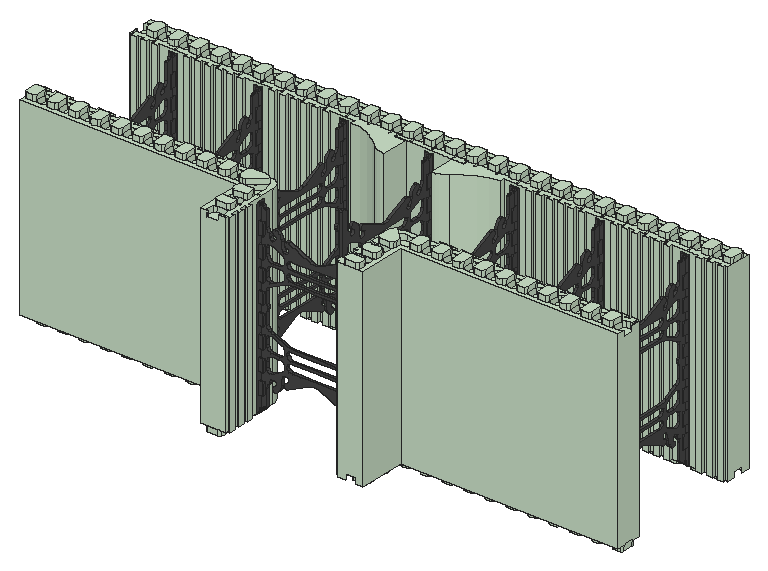
Revit family (continued)
Definition of nested family "10-inch Insert Web w One Fastening Strip"
  Forms (mm)
    Extrusion 2, solid, material "High Density Polystyrene"
      sketch origin (0, 0, 0) x (0, 1, 0) y (0, 0, 1)
        loop
          line (71.12, 117.062) -> (71.12, 113.82)
          arc (71.12, 113.82) -> (73.104, 107.004) -> (78.437, 102.318) r 12.7
          line (78.437, 102.318) -> (100.738, 91.881)
          arc (100.738, 91.881) -> (109.887, 92.471) -> (114.3, 100.508) r 9.525
          line (114.3, 100.508) -> (114.3, 113.887)
        loop
          line (-78.437, 161.778) -> (-100.738, 172.215)
          arc (-100.738, 172.215) -> (-109.887, 171.625) -> (-114.3, 163.588) r 9.525
          line (-114.3, 163.588) -> (-114.3, 150.209)
          arc (-114.3, 150.209) -> (-109.65, 138.984) -> (-98.425, 134.334) r 15.875
          line (-98.425, 134.334) -> (-83.82, 134.334)
          arc (-83.82, 134.334) -> (-74.84, 138.054) -> (-71.12, 147.034) r 12.7
          line (-71.12, 147.034) -> (-71.12, 150.275)
          arc (-71.12, 150.275) -> (-73.104, 157.092) -> (-78.437, 161.778) r 12.7
        loop
          line (-114.3, 113.887) -> (-114.3, 100.508)
          arc (-114.3, 100.508) -> (-109.887, 92.471) -> (-100.738, 91.881) r 9.525
          line (-100.738, 91.881) -> (-78.437, 102.318)
          arc (-78.437, 102.318) -> (-73.104, 107.004) -> (-71.12, 113.82) r 12.7
          line (-71.12, 113.82) -> (-71.12, 117.062)
          arc (-71.12, 117.062) -> (-74.84, 126.042) -> (-83.82, 129.762) r 12.7
          line (-83.82, 129.762) -> (-98.425, 129.762)
          arc (-98.425, 129.762) -> (-109.65, 125.112) -> (-114.3, 113.887) r 15.875
      from 3.175 to -3.175
    Extrusion 3, solid, material "High Density Polystyrene"
      sketch origin (0, 0, 0) x (0, 1, 0) y (0, 0, 1)
        loop
          line (-132.334, 410.919) -> (-132.334, 380.439) -> (-119.634, 380.439) -> (-119.634, 410.919) -> (-132.334, 410.919)
        loop
          line (-132.334, 361.389) -> (-132.334, 330.909) -> (-119.634, 330.909) -> (-119.634, 361.389) -> (-132.334, 361.389)
        loop
          line (-132.334, 311.859) -> (-132.334, 281.379) -> (-119.634, 281.379) -> (-119.634, 311.859) -> (-132.334, 311.859)
        loop
          line (-132.334, 262.329) -> (-132.334, 234.897) -> (-119.634, 234.897) -> (-119.634, 262.329) -> (-132.334, 262.329)
        loop
          line (-132.334, 215.847) -> (-132.334, 188.415) -> (-119.634, 188.415) -> (-119.634, 215.847) -> (-132.334, 215.847)
        loop
          line (-132.334, 169.365) -> (-132.334, 138.885) -> (-119.634, 138.885) -> (-119.634, 169.365) -> (-132.334, 169.365)
        loop
          line (-132.334, 119.835) -> (-132.334, 89.355) -> (-119.634, 89.355) -> (-119.634, 119.835) -> (-132.334, 119.835)
        loop
          line (-132.334, 70.305) -> (-132.334, 39.825) -> (-119.634, 39.825) -> (-119.634, 70.305) -> (-132.334, 70.305)
      from 6.35 to -6.35
    Extrusion 4, void
      sketch origin (0, -50.8, 0) x (1, 0, 0) y (0, 1, 0)
        loop
          arc (-6.35, -70.929) -> (-5.736, -69.448) -> (-4.255, -68.834) r 2.095
          line (-4.255, -68.834) -> (-6.35, -68.834) -> (-6.35, -70.929)
      from 0 to 457.2
    Extrusion 5, void
      sketch origin (0, -50.8, 0) x (-1, 0, 0) y (0, -1, 0)
        loop
          line (-6.35, 70.929) -> (-6.35, 68.834) -> (-4.255, 68.834)
          arc (-4.255, 68.834) -> (-5.736, 69.448) -> (-6.35, 70.929) r 2.095
      from 0 to 457.2
  Cuts and joins
    Extrusion 4, Extrusion 5 cuts Extrusion 1
    Extrusion 4, Extrusion 5 cuts Extrusion 3
Definition of nested family "NUDURA Diamond Pattern Missing Two Lines"
  Reference planes
    plane 1 "Center (Front/Back)": y = 0
    plane 2: z = 0
    plane 3 "Center (Left/Right)": x = 0
    plane 4: z = 457.2
  Lines and regions (mm)
    model lines
      curve 1: line (50.8, -142.875, 457.2) -> (50.8, -142.875, 0)
      curve 2: line (85.183, -142.875, 431.415) -> (93.906, -142.875, 422.692)
      curve 3: arc (85.183, -142.875, 444.885) -> (82.394, -142.875, 438.15) -> (85.183, -142.875, 431.415) r 9.525
      curve 4: line (94.708, -142.875, 454.41) -> (85.183, -142.875, 444.885)
      curve 5: arc (108.179, -142.875, 454.41) -> (101.444, -142.875, 457.2) -> (94.708, -142.875, 454.41) r 9.525
      curve 6: line (117.704, -142.875, 444.885) -> (108.179, -142.875, 454.41)
      curve 7: arc (117.704, -142.875, 431.415) -> (120.494, -142.875, 438.15) -> (117.704, -142.875, 444.885) r 9.525
      curve 8: line (108.981, -142.875, 422.692) -> (117.704, -142.875, 431.415)
      curve 9: arc (105.934, -142.875, 452.165) -> (101.444, -142.875, 454.025) -> (96.953, -142.875, 452.165) r 6.35
      curve 10: line (115.459, -142.875, 442.64) -> (105.934, -142.875, 452.165)
      curve 11: arc (115.459, -142.875, 433.66) -> (117.319, -142.875, 438.15) -> (115.459, -142.875, 442.64) r 6.35
      curve 12: line (105.934, -142.875, 424.135) -> (115.459, -142.875, 433.66)
      curve 13: arc (96.953, -142.875, 424.135) -> (101.444, -142.875, 422.275) -> (105.934, -142.875, 424.135) r 6.35
      curve 14: line (87.428, -142.875, 433.66) -> (96.953, -142.875, 424.135)
      curve 15: arc (87.428, -142.875, 442.64) -> (85.569, -142.875, 438.15) -> (87.428, -142.875, 433.66) r 6.35
      curve 16: line (96.953, -142.875, 452.165) -> (87.428, -142.875, 442.64)
      curve 17: arc (93.906, -142.875, 415.508) -> (95.394, -142.875, 419.1) -> (93.906, -142.875, 422.692) r 5.08
      curve 18: line (117.704, -142.875, 406.785) -> (108.981, -142.875, 415.508)
      curve 19: arc (117.704, -142.875, 393.315) -> (120.494, -142.875, 400.05) -> (117.704, -142.875, 406.785) r 9.525
      curve 20: line (108.981, -142.875, 384.592) -> (117.704, -142.875, 393.315)
      curve 21: line (85.183, -142.875, 393.315) -> (93.906, -142.875, 384.592)
      curve 22: arc (85.183, -142.875, 406.785) -> (82.394, -142.875, 400.05) -> (85.183, -142.875, 393.315) r 9.525
      curve 23: line (93.906, -142.875, 415.508) -> (85.183, -142.875, 406.785)
      curve 24: arc (105.934, -142.875, 414.065) -> (101.444, -142.875, 415.925) -> (96.953, -142.875, 414.065) r 6.35
      curve 25: line (96.953, -142.875, 414.065) -> (87.428, -142.875, 404.54)
      curve 26: arc (87.428, -142.875, 404.54) -> (85.569, -142.875, 400.05) -> (87.428, -142.875, 395.56) r 6.35
      curve 27: line (87.428, -142.875, 395.56) -> (96.953, -142.875, 386.035)
      curve 28: arc (96.953, -142.875, 386.035) -> (101.444, -142.875, 384.175) -> (105.934, -142.875, 386.035) r 6.35
      curve 29: line (105.934, -142.875, 386.035) -> (115.459, -142.875, 395.56)
      curve 30: arc (115.459, -142.875, 395.56) -> (117.319, -142.875, 400.05) -> (115.459, -142.875, 404.54) r 6.35
      curve 31: line (115.459, -142.875, 404.54) -> (105.934, -142.875, 414.065)
      curve 32: arc (93.906, -142.875, 377.408) -> (95.394, -142.875, 381) -> (93.906, -142.875, 384.592) r 5.08
      curve 33: line (117.704, -142.875, 368.685) -> (108.981, -142.875, 377.408)
      curve 34: arc (117.704, -142.875, 355.215) -> (120.494, -142.875, 361.95) -> (117.704, -142.875, 368.685) r 9.525
      curve 35: line (108.981, -142.875, 346.492) -> (117.704, -142.875, 355.215)
      curve 36: line (85.183, -142.875, 355.215) -> (93.906, -142.875, 346.492)
      curve 37: arc (85.183, -142.875, 368.685) -> (82.394, -142.875, 361.95) -> (85.183, -142.875, 355.215) r 9.525
      curve 38: line (93.906, -142.875, 377.408) -> (85.183, -142.875, 368.685)
      curve 39: arc (105.934, -142.875, 375.965) -> (101.444, -142.875, 377.825) -> (96.953, -142.875, 375.965) r 6.35
      curve 40: line (96.953, -142.875, 375.965) -> (87.428, -142.875, 366.44)
      curve 41: arc (87.428, -142.875, 366.44) -> (85.569, -142.875, 361.95) -> (87.428, -142.875, 357.46) r 6.35
      curve 42: line (87.428, -142.875, 357.46) -> (96.953, -142.875, 347.935)
      curve 43: arc (96.953, -142.875, 347.935) -> (101.444, -142.875, 346.075) -> (105.934, -142.875, 347.935) r 6.35
      curve 44: line (105.934, -142.875, 347.935) -> (115.459, -142.875, 357.46)
      curve 45: arc (115.459, -142.875, 357.46) -> (117.319, -142.875, 361.95) -> (115.459, -142.875, 366.44) r 6.35
      curve 46: line (115.459, -142.875, 366.44) -> (105.934, -142.875, 375.965)
      curve 47: arc (93.906, -142.875, 339.308) -> (95.394, -142.875, 342.9) -> (93.906, -142.875, 346.492) r 5.08
      curve 48: line (117.704, -142.875, 330.585) -> (108.981, -142.875, 339.308)
      curve 49: arc (117.704, -142.875, 317.115) -> (120.494, -142.875, 323.85) -> (117.704, -142.875, 330.585) r 9.525
      curve 50: line (108.981, -142.875, 308.392) -> (117.704, -142.875, 317.115)
      curve 51: line (85.183, -142.875, 317.115) -> (93.906, -142.875, 308.392)
      curve 52: arc (85.183, -142.875, 330.585) -> (82.394, -142.875, 323.85) -> (85.183, -142.875, 317.115) r 9.525
      curve 53: line (93.906, -142.875, 339.308) -> (85.183, -142.875, 330.585)
      curve 54: arc (105.934, -142.875, 337.865) -> (101.444, -142.875, 339.725) -> (96.953, -142.875, 337.865) r 6.35
      curve 55: line (96.953, -142.875, 337.865) -> (87.428, -142.875, 328.34)
      curve 56: arc (87.428, -142.875, 328.34) -> (85.569, -142.875, 323.85) -> (87.428, -142.875, 319.36) r 6.35
      curve 57: line (87.428, -142.875, 319.36) -> (96.953, -142.875, 309.835)
      curve 58: arc (96.953, -142.875, 309.835) -> (101.444, -142.875, 307.975) -> (105.934, -142.875, 309.835) r 6.35
      curve 59: line (105.934, -142.875, 309.835) -> (115.459, -142.875, 319.36)
      curve 60: arc (115.459, -142.875, 319.36) -> (117.319, -142.875, 323.85) -> (115.459, -142.875, 328.34) r 6.35
      curve 61: line (115.459, -142.875, 328.34) -> (105.934, -142.875, 337.865)
      curve 62: arc (93.906, -142.875, 301.208) -> (95.394, -142.875, 304.8) -> (93.906, -142.875, 308.392) r 5.08
      curve 63: line (117.704, -142.875, 292.485) -> (108.981, -142.875, 301.208)
      curve 64: arc (117.704, -142.875, 279.015) -> (120.494, -142.875, 285.75) -> (117.704, -142.875, 292.485) r 9.525
      curve 65: line (108.981, -142.875, 270.292) -> (117.704, -142.875, 279.015)
      curve 66: line (85.183, -142.875, 279.015) -> (93.906, -142.875, 270.292)
      curve 67: arc (85.183, -142.875, 292.485) -> (82.394, -142.875, 285.75) -> (85.183, -142.875, 279.015) r 9.525
      curve 68: line (93.906, -142.875, 301.208) -> (85.183, -142.875, 292.485)
      curve 69: arc (105.934, -142.875, 299.765) -> (101.444, -142.875, 301.625) -> (96.953, -142.875, 299.765) r 6.35
      curve 70: line (96.953, -142.875, 299.765) -> (87.428, -142.875, 290.24)
      curve 71: arc (87.428, -142.875, 290.24) -> (85.569, -142.875, 285.75) -> (87.428, -142.875, 281.26) r 6.35
      curve 72: line (87.428, -142.875, 281.26) -> (96.953, -142.875, 271.735)
      curve 73: arc (96.953, -142.875, 271.735) -> (101.444, -142.875, 269.875) -> (105.934, -142.875, 271.735) r 6.35
      curve 74: line (105.934, -142.875, 271.735) -> (115.459, -142.875, 281.26)
      curve 75: arc (115.459, -142.875, 281.26) -> (117.319, -142.875, 285.75) -> (115.459, -142.875, 290.24) r 6.35
      curve 76: line (115.459, -142.875, 290.24) -> (105.934, -142.875, 299.765)
      curve 77: arc (93.906, -142.875, 263.108) -> (95.394, -142.875, 266.7) -> (93.906, -142.875, 270.292) r 5.08
      curve 78: line (117.704, -142.875, 254.385) -> (108.981, -142.875, 263.108)
      curve 79: arc (117.704, -142.875, 240.915) -> (120.494, -142.875, 247.65) -> (117.704, -142.875, 254.385) r 9.525
      curve 80: line (108.981, -142.875, 232.192) -> (117.704, -142.875, 240.915)
      curve 81: line (85.183, -142.875, 240.915) -> (93.906, -142.875, 232.192)
      curve 82: arc (85.183, -142.875, 254.385) -> (82.394, -142.875, 247.65) -> (85.183, -142.875, 240.915) r 9.525
      curve 83: line (93.906, -142.875, 263.108) -> (85.183, -142.875, 254.385)
      curve 84: arc (105.934, -142.875, 261.665) -> (101.444, -142.875, 263.525) -> (96.953, -142.875, 261.665) r 6.35
      curve 85: line (96.953, -142.875, 261.665) -> (87.428, -142.875, 252.14)
      curve 86: arc (87.428, -142.875, 252.14) -> (85.569, -142.875, 247.65) -> (87.428, -142.875, 243.16) r 6.35
      curve 87: line (87.428, -142.875, 243.16) -> (96.953, -142.875, 233.635)
      curve 88: arc (96.953, -142.875, 233.635) -> (101.444, -142.875, 231.775) -> (105.934, -142.875, 233.635) r 6.35
      curve 89: line (105.934, -142.875, 233.635) -> (115.459, -142.875, 243.16)
      curve 90: arc (115.459, -142.875, 243.16) -> (117.319, -142.875, 247.65) -> (115.459, -142.875, 252.14) r 6.35
      curve 91: line (115.459, -142.875, 252.14) -> (105.934, -142.875, 261.665)
      curve 92: arc (93.906, -142.875, 225.008) -> (95.394, -142.875, 228.6) -> (93.906, -142.875, 232.192) r 5.08
      curve 93: line (117.704, -142.875, 216.285) -> (108.981, -142.875, 225.008)
      curve 94: arc (117.704, -142.875, 202.815) -> (120.494, -142.875, 209.55) -> (117.704, -142.875, 216.285) r 9.525
      curve 95: line (108.981, -142.875, 194.092) -> (117.704, -142.875, 202.815)
      curve 96: line (85.183, -142.875, 202.815) -> (93.906, -142.875, 194.092)
      curve 97: arc (85.183, -142.875, 216.285) -> (82.394, -142.875, 209.55) -> (85.183, -142.875, 202.815) r 9.525
      curve 98: line (93.906, -142.875, 225.008) -> (85.183, -142.875, 216.285)
      curve 99: arc (105.934, -142.875, 223.565) -> (101.444, -142.875, 225.425) -> (96.953, -142.875, 223.565) r 6.35
      curve 100: line (96.953, -142.875, 223.565) -> (87.428, -142.875, 214.04)
      curve 101: arc (87.428, -142.875, 214.04) -> (85.569, -142.875, 209.55) -> (87.428, -142.875, 205.06) r 6.35
      curve 102: line (87.428, -142.875, 205.06) -> (96.953, -142.875, 195.535)
      curve 103: arc (96.953, -142.875, 195.535) -> (101.444, -142.875, 193.675) -> (105.934, -142.875, 195.535) r 6.35
      curve 104: line (105.934, -142.875, 195.535) -> (115.459, -142.875, 205.06)
      curve 105: arc (115.459, -142.875, 205.06) -> (117.319, -142.875, 209.55) -> (115.459, -142.875, 214.04) r 6.35
      curve 106: line (115.459, -142.875, 214.04) -> (105.934, -142.875, 223.565)
      curve 107: arc (93.906, -142.875, 186.908) -> (95.394, -142.875, 190.5) -> (93.906, -142.875, 194.092) r 5.08
      curve 108: line (117.704, -142.875, 178.185) -> (108.981, -142.875, 186.908)
      curve 109: arc (117.704, -142.875, 164.715) -> (120.494, -142.875, 171.45) -> (117.704, -142.875, 178.185) r 9.525
      curve 110: line (108.981, -142.875, 155.992) -> (117.704, -142.875, 164.715)
      curve 111: line (85.183, -142.875, 164.715) -> (93.906, -142.875, 155.992)
      curve 112: arc (85.183, -142.875, 178.185) -> (82.394, -142.875, 171.45) -> (85.183, -142.875, 164.715) r 9.525
      curve 113: line (93.906, -142.875, 186.908) -> (85.183, -142.875, 178.185)
      curve 114: arc (105.934, -142.875, 185.465) -> (101.444, -142.875, 187.325) -> (96.953, -142.875, 185.465) r 6.35
      curve 115: line (96.953, -142.875, 185.465) -> (87.428, -142.875, 175.94)
      curve 116: arc (87.428, -142.875, 175.94) -> (85.569, -142.875, 171.45) -> (87.428, -142.875, 166.96) r 6.35
      curve 117: line (87.428, -142.875, 166.96) -> (96.953, -142.875, 157.435)
      curve 118: arc (96.953, -142.875, 157.435) -> (101.444, -142.875, 155.575) -> (105.934, -142.875, 157.435) r 6.35
      curve 119: line (105.934, -142.875, 157.435) -> (115.459, -142.875, 166.96)
      curve 120: arc (115.459, -142.875, 166.96) -> (117.319, -142.875, 171.45) -> (115.459, -142.875, 175.94) r 6.35
      curve 121: line (115.459, -142.875, 175.94) -> (105.934, -142.875, 185.465)
      curve 122: arc (93.906, -142.875, 148.808) -> (95.394, -142.875, 152.4) -> (93.906, -142.875, 155.992) r 5.08
      curve 123: line (117.704, -142.875, 140.085) -> (108.981, -142.875, 148.808)
      curve 124: arc (117.704, -142.875, 126.615) -> (120.494, -142.875, 133.35) -> (117.704, -142.875, 140.085) r 9.525
      curve 125: line (108.981, -142.875, 117.892) -> (117.704, -142.875, 126.615)
      curve 126: line (85.183, -142.875, 126.615) -> (93.906, -142.875, 117.892)
      curve 127: arc (85.183, -142.875, 140.085) -> (82.394, -142.875, 133.35) -> (85.183, -142.875, 126.615) r 9.525
      curve 128: line (93.906, -142.875, 148.808) -> (85.183, -142.875, 140.085)
      curve 129: arc (105.934, -142.875, 147.365) -> (101.444, -142.875, 149.225) -> (96.953, -142.875, 147.365) r 6.35
      curve 130: line (96.953, -142.875, 147.365) -> (87.428, -142.875, 137.84)
      curve 131: arc (87.428, -142.875, 137.84) -> (85.569, -142.875, 133.35) -> (87.428, -142.875, 128.86) r 6.35
      curve 132: line (87.428, -142.875, 128.86) -> (96.953, -142.875, 119.335)
      curve 133: arc (96.953, -142.875, 119.335) -> (101.444, -142.875, 117.475) -> (105.934, -142.875, 119.335) r 6.35
      curve 134: line (105.934, -142.875, 119.335) -> (115.459, -142.875, 128.86)
      curve 135: arc (115.459, -142.875, 128.86) -> (117.319, -142.875, 133.35) -> (115.459, -142.875, 137.84) r 6.35
      curve 136: line (115.459, -142.875, 137.84) -> (105.934, -142.875, 147.365)
      curve 137: arc (93.906, -142.875, 110.708) -> (95.394, -142.875, 114.3) -> (93.906, -142.875, 117.892) r 5.08
      curve 138: line (117.704, -142.875, 101.985) -> (108.981, -142.875, 110.708)
      curve 139: arc (117.704, -142.875, 88.515) -> (120.494, -142.875, 95.25) -> (117.704, -142.875, 101.985) r 9.525
      curve 140: line (108.981, -142.875, 79.792) -> (117.704, -142.875, 88.515)
      curve 141: line (85.183, -142.875, 88.515) -> (93.906, -142.875, 79.792)
      curve 142: arc (85.183, -142.875, 101.985) -> (82.394, -142.875, 95.25) -> (85.183, -142.875, 88.515) r 9.525
      curve 143: line (93.906, -142.875, 110.708) -> (85.183, -142.875, 101.985)
      curve 144: arc (105.934, -142.875, 109.265) -> (101.444, -142.875, 111.125) -> (96.953, -142.875, 109.265) r 6.35
      curve 145: line (96.953, -142.875, 109.265) -> (87.428, -142.875, 99.74)
      curve 146: arc (87.428, -142.875, 99.74) -> (85.569, -142.875, 95.25) -> (87.428, -142.875, 90.76) r 6.35
      curve 147: line (87.428, -142.875, 90.76) -> (96.953, -142.875, 81.235)
      curve 148: arc (96.953, -142.875, 81.235) -> (101.444, -142.875, 79.375) -> (105.934, -142.875, 81.235) r 6.35
      curve 149: line (105.934, -142.875, 81.235) -> (115.459, -142.875, 90.76)
      curve 150: arc (115.459, -142.875, 90.76) -> (117.319, -142.875, 95.25) -> (115.459, -142.875, 99.74) r 6.35
      curve 151: line (115.459, -142.875, 99.74) -> (105.934, -142.875, 109.265)
      curve 152: arc (93.906, -142.875, 72.608) -> (95.394, -142.875, 76.2) -> (93.906, -142.875, 79.792) r 5.08
      curve 153: line (117.704, -142.875, 63.885) -> (108.981, -142.875, 72.608)
      curve 154: arc (117.704, -142.875, 50.415) -> (120.494, -142.875, 57.15) -> (117.704, -142.875, 63.885) r 9.525
      curve 155: line (108.981, -142.875, 41.692) -> (117.704, -142.875, 50.415)
      curve 156: line (85.183, -142.875, 50.415) -> (93.906, -142.875, 41.692)
      curve 157: arc (85.183, -142.875, 63.885) -> (82.394, -142.875, 57.15) -> (85.183, -142.875, 50.415) r 9.525
      curve 158: line (93.906, -142.875, 72.608) -> (85.183, -142.875, 63.885)
      curve 159: arc (105.934, -142.875, 71.165) -> (101.444, -142.875, 73.025) -> (96.953, -142.875, 71.165) r 6.35
      curve 160: line (96.953, -142.875, 71.165) -> (87.428, -142.875, 61.64)
      curve 161: arc (87.428, -142.875, 61.64) -> (85.569, -142.875, 57.15) -> (87.428, -142.875, 52.66) r 6.35
      curve 162: line (87.428, -142.875, 52.66) -> (96.953, -142.875, 43.135)
      curve 163: arc (96.953, -142.875, 43.135) -> (101.444, -142.875, 41.275) -> (105.934, -142.875, 43.135) r 6.35
      curve 164: line (105.934, -142.875, 43.135) -> (115.459, -142.875, 52.66)
      curve 165: arc (115.459, -142.875, 52.66) -> (117.319, -142.875, 57.15) -> (115.459, -142.875, 61.64) r 6.35
      curve 166: line (115.459, -142.875, 61.64) -> (105.934, -142.875, 71.165)
      curve 167: arc (93.906, -142.875, 34.508) -> (95.394, -142.875, 38.1) -> (93.906, -142.875, 41.692) r 5.08
      curve 168: line (93.906, -142.875, 34.508) -> (85.183, -142.875, 25.785)
      curve 169: arc (85.183, -142.875, 25.785) -> (82.394, -142.875, 19.05) -> (85.183, -142.875, 12.315) r 9.525
      curve 170: line (85.183, -142.875, 12.315) -> (94.708, -142.875, 2.79)
      curve 171: arc (94.708, -142.875, 2.79) -> (101.444, -142.875, 0) -> (108.179, -142.875, 2.79) r 9.525
      curve 172: line (108.179, -142.875, 2.79) -> (117.704, -142.875, 12.315)
      curve 173: arc (117.704, -142.875, 12.315) -> (120.494, -142.875, 19.05) -> (117.704, -142.875, 25.785) r 9.525
      curve 174: line (117.704, -142.875, 25.785) -> (108.981, -142.875, 34.508)
      curve 175: arc (108.981, -142.875, 41.692) -> (107.493, -142.875, 38.1) -> (108.981, -142.875, 34.508) r 5.08
      curve 176: arc (105.934, -142.875, 33.065) -> (101.444, -142.875, 34.925) -> (96.953, -142.875, 33.065) r 6.35
      curve 177: line (115.459, -142.875, 23.54) -> (105.934, -142.875, 33.065)
      curve 178: arc (115.459, -142.875, 14.56) -> (117.319, -142.875, 19.05) -> (115.459, -142.875, 23.54) r 6.35
      curve 179: line (105.934, -142.875, 5.035) -> (115.459, -142.875, 14.56)
      curve 180: arc (96.953, -142.875, 5.035) -> (101.444, -142.875, 3.175) -> (105.934, -142.875, 5.035) r 6.35
      curve 181: line (87.428, -142.875, 14.56) -> (96.953, -142.875, 5.035)
      curve 182: arc (87.428, -142.875, 23.54) -> (85.569, -142.875, 19.05) -> (87.428, -142.875, 14.56) r 6.35
      curve 183: line (96.953, -142.875, 33.065) -> (87.428, -142.875, 23.54)
      curve 184: arc (108.981, -142.875, 79.792) -> (107.493, -142.875, 76.2) -> (108.981, -142.875, 72.608) r 5.08
      curve 185: arc (108.981, -142.875, 117.892) -> (107.493, -142.875, 114.3) -> (108.981, -142.875, 110.708) r 5.08
      curve 186: arc (108.981, -142.875, 155.992) -> (107.493, -142.875, 152.4) -> (108.981, -142.875, 148.808) r 5.08
      curve 187: arc (108.981, -142.875, 194.092) -> (107.493, -142.875, 190.5) -> (108.981, -142.875, 186.908) r 5.08
      curve 188: arc (108.981, -142.875, 232.192) -> (107.493, -142.875, 228.6) -> (108.981, -142.875, 225.008) r 5.08
      curve 189: arc (108.981, -142.875, 270.292) -> (107.493, -142.875, 266.7) -> (108.981, -142.875, 263.108) r 5.08
      curve 190: arc (108.981, -142.875, 308.392) -> (107.493, -142.875, 304.8) -> (108.981, -142.875, 301.208) r 5.08
      curve 191: arc (108.981, -142.875, 346.492) -> (107.493, -142.875, 342.9) -> (108.981, -142.875, 339.308) r 5.08
      curve 192: arc (108.981, -142.875, 384.592) -> (107.493, -142.875, 381) -> (108.981, -142.875, 377.408) r 5.08
      curve 193: arc (108.981, -142.875, 422.692) -> (107.493, -142.875, 419.1) -> (108.981, -142.875, 415.508) r 5.08
Definition of nested family "NUDURA Logo Diamond"
  Reference planes
    plane 1 "Center (Front/Back)": y = 0
    plane 2: z = 0
    plane 3 "Center (Left/Right)": x = 0
  Lines and regions (mm)
    model lines
      curve 1: line (320.001, 0, 444.526) -> (311.021, 0, 453.507)
      curve 2: line (313.973, 0, 425.925) -> (320.001, 0, 431.954)
      curve 3: line (320.001, 0, 406.426) -> (313.973, 0, 412.455)
      curve 4: line (313.973, 0, 387.825) -> (320.001, 0, 393.854)
      curve 5: line (320.001, 0, 368.326) -> (313.973, 0, 374.355)
      curve 6: line (313.973, 0, 349.725) -> (320.001, 0, 355.754)
      curve 7: line (309.225, 0, 337.411) -> (322.887, 0, 323.749)
      curve 8: line (322.887, 0, 323.749) -> (324.683, 0, 325.545)
      curve 9: line (286.583, 0, 323.749) -> (300.245, 0, 337.411)
      curve 10: line (295.497, 0, 336.255) -> (284.787, 0, 325.545)
      curve 11: line (289.468, 0, 355.754) -> (295.497, 0, 349.725)
      curve 12: line (295.497, 0, 374.355) -> (289.468, 0, 368.326)
      curve 13: line (289.468, 0, 393.854) -> (295.497, 0, 387.825)
      curve 14: line (295.497, 0, 412.455) -> (289.468, 0, 406.426)
      curve 15: line (289.468, 0, 431.954) -> (295.497, 0, 425.925)
      curve 16: line (298.449, 0, 453.507) -> (289.468, 0, 444.526)
      curve 17: line (300.245, 0, 451.711) -> (291.265, 0, 442.73)
      curve 18: line (318.205, 0, 442.73) -> (309.225, 0, 451.711)
      curve 19: line (309.225, 0, 424.77) -> (318.205, 0, 433.75)
      curve 20: line (291.265, 0, 433.75) -> (300.245, 0, 424.77)
      curve 21: arc (289.468, 0, 444.526) -> (286.865, 0, 438.24) -> (289.468, 0, 431.954) r 8.89
      curve 22: arc (298.449, 0, 453.507) -> (304.735, 0, 456.111) -> (311.021, 0, 453.507) r 8.89
      curve 23: arc (291.265, 0, 442.73) -> (289.405, 0, 438.24) -> (291.265, 0, 433.75) r 6.35
      curve 24: arc (318.205, 0, 442.73) -> (320.065, 0, 438.24) -> (318.205, 0, 433.75) r 6.35
      curve 25: arc (309.225, 0, 424.77) -> (304.735, 0, 422.91) -> (300.245, 0, 424.77) r 6.35
      curve 26: arc (300.245, 0, 451.711) -> (304.735, 0, 453.571) -> (309.225, 0, 451.711) r 6.35
      curve 27: arc (320.001, 0, 444.526) -> (322.605, 0, 438.24) -> (320.001, 0, 431.954) r 8.89
      curve 28: arc (295.497, 0, 425.925) -> (298.287, 0, 419.19) -> (295.497, 0, 412.455) r 9.525
      curve 29: arc (313.973, 0, 425.925) -> (311.183, 0, 419.19) -> (313.973, 0, 412.455) r 9.525
      curve 30: line (313.973, 0, 387.825) -> (320.001, 0, 393.854)
      curve 31: line (289.468, 0, 393.854) -> (295.497, 0, 387.825)
      curve 32: line (300.245, 0, 413.611) -> (291.265, 0, 404.63)
      curve 33: line (318.205, 0, 404.63) -> (309.225, 0, 413.611)
      curve 34: line (309.225, 0, 386.67) -> (318.205, 0, 395.65)
      curve 35: line (291.265, 0, 395.65) -> (300.245, 0, 386.67)
      curve 36: arc (289.468, 0, 406.426) -> (286.865, 0, 400.14) -> (289.468, 0, 393.854) r 8.89
      curve 37: arc (291.265, 0, 404.63) -> (289.405, 0, 400.14) -> (291.265, 0, 395.65) r 6.35
      curve 38: arc (318.205, 0, 404.63) -> (320.065, 0, 400.14) -> (318.205, 0, 395.65) r 6.35
      curve 39: arc (309.225, 0, 386.67) -> (304.735, 0, 384.81) -> (300.245, 0, 386.67) r 6.35
      curve 40: arc (300.245, 0, 413.611) -> (304.735, 0, 415.471) -> (309.225, 0, 413.611) r 6.35
      curve 41: arc (320.001, 0, 406.426) -> (322.605, 0, 400.14) -> (320.001, 0, 393.854) r 8.89
      curve 42: line (295.497, 0, 412.455) -> (289.468, 0, 406.426)
      curve 43: line (320.001, 0, 406.426) -> (313.973, 0, 412.455)
      curve 44: arc (295.497, 0, 387.825) -> (298.287, 0, 381.09) -> (295.497, 0, 374.355) r 9.525
      curve 45: arc (313.973, 0, 387.825) -> (311.183, 0, 381.09) -> (313.973, 0, 374.355) r 9.525
      curve 46: line (313.973, 0, 349.725) -> (320.001, 0, 355.754)
      curve 47: line (289.468, 0, 355.754) -> (295.497, 0, 349.725)
      curve 48: line (300.245, 0, 375.511) -> (291.265, 0, 366.53)
      curve 49: line (318.205, 0, 366.53) -> (309.225, 0, 375.511)
      curve 50: line (309.225, 0, 348.57) -> (318.205, 0, 357.55)
      curve 51: line (291.265, 0, 357.55) -> (300.245, 0, 348.57)
      curve 52: arc (289.468, 0, 368.326) -> (286.865, 0, 362.04) -> (289.468, 0, 355.754) r 8.89
      curve 53: arc (291.265, 0, 366.53) -> (289.405, 0, 362.04) -> (291.265, 0, 357.55) r 6.35
      curve 54: arc (318.205, 0, 366.53) -> (320.065, 0, 362.04) -> (318.205, 0, 357.55) r 6.35
      curve 55: arc (309.225, 0, 348.57) -> (304.735, 0, 346.71) -> (300.245, 0, 348.57) r 6.35
      curve 56: arc (300.245, 0, 375.511) -> (304.735, 0, 377.371) -> (309.225, 0, 375.511) r 6.35
      curve 57: arc (320.001, 0, 368.326) -> (322.605, 0, 362.04) -> (320.001, 0, 355.754) r 8.89
      curve 58: line (295.497, 0, 374.355) -> (289.468, 0, 368.326)
      curve 59: arc (295.497, 0, 349.725) -> (298.287, 0, 342.99) -> (295.497, 0, 336.255) r 9.525
      curve 60: arc (313.973, 0, 349.725) -> (311.183, 0, 342.99) -> (313.973, 0, 336.255) r 9.525
      curve 61: line (324.683, 0, 325.545) -> (313.973, 0, 336.255)
      curve 62: line (284.787, 0, 325.545) -> (286.583, 0, 323.749)
      curve 63: arc (300.245, 0, 337.411) -> (304.735, 0, 339.271) -> (309.225, 0, 337.411) r 6.35
      curve 64: line (320.001, 0, 12.854) -> (311.021, 0, 3.874)
      curve 65: line (313.973, 0, 31.455) -> (320.001, 0, 25.426)
      curve 66: line (320.001, 0, 50.954) -> (313.973, 0, 44.925)
      curve 67: line (313.973, 0, 69.555) -> (320.001, 0, 63.526)
      curve 68: line (320.001, 0, 89.054) -> (313.973, 0, 83.025)
      curve 69: line (313.973, 0, 107.655) -> (320.001, 0, 101.626)
      curve 70: line (309.225, 0, 119.97) -> (322.887, 0, 133.632)
      curve 71: line (322.887, 0, 133.632) -> (324.683, 0, 131.836)
      curve 72: line (286.583, 0, 133.632) -> (300.245, 0, 119.97)
      curve 73: line (295.497, 0, 121.125) -> (284.787, 0, 131.836)
      curve 74: line (289.468, 0, 101.626) -> (295.497, 0, 107.655)
      curve 75: line (295.497, 0, 83.025) -> (289.468, 0, 89.054)
      curve 76: line (289.468, 0, 63.526) -> (295.497, 0, 69.555)
      curve 77: line (295.497, 0, 44.925) -> (289.468, 0, 50.954)
      curve 78: line (289.468, 0, 25.426) -> (295.497, 0, 31.455)
      curve 79: line (298.449, 0, 3.874) -> (289.468, 0, 12.854)
      curve 80: line (300.245, 0, 5.67) -> (291.265, 0, 14.65)
      curve 81: line (318.205, 0, 14.65) -> (309.225, 0, 5.67)
      curve 82: line (309.225, 0, 32.611) -> (318.205, 0, 23.63)
      curve 83: line (291.265, 0, 23.63) -> (300.245, 0, 32.611)
      curve 84: arc (289.468, 0, 12.854) -> (286.865, 0, 19.14) -> (289.468, 0, 25.426) r 8.89
      curve 85: arc (298.449, 0, 3.874) -> (304.735, 0, 1.27) -> (311.021, 0, 3.874) r 8.89
      curve 86: arc (291.265, 0, 14.65) -> (289.405, 0, 19.14) -> (291.265, 0, 23.63) r 6.35
      curve 87: arc (318.205, 0, 14.65) -> (320.065, 0, 19.14) -> (318.205, 0, 23.63) r 6.35
      curve 88: arc (309.225, 0, 32.611) -> (304.735, 0, 34.471) -> (300.245, 0, 32.611) r 6.35
      curve 89: arc (300.245, 0, 5.67) -> (304.735, 0, 3.81) -> (309.225, 0, 5.67) r 6.35
      curve 90: arc (320.001, 0, 12.854) -> (322.605, 0, 19.14) -> (320.001, 0, 25.426) r 8.89
      curve 91: arc (295.497, 0, 31.455) -> (298.287, 0, 38.19) -> (295.497, 0, 44.925) r 9.525
      curve 92: arc (313.973, 0, 31.455) -> (311.183, 0, 38.19) -> (313.973, 0, 44.925) r 9.525
      curve 93: line (313.973, 0, 69.555) -> (320.001, 0, 63.526)
      curve 94: line (289.468, 0, 63.526) -> (295.497, 0, 69.555)
      curve 95: line (300.245, 0, 43.77) -> (291.265, 0, 52.75)
      curve 96: line (318.205, 0, 52.75) -> (309.225, 0, 43.77)
      curve 97: line (309.225, 0, 70.711) -> (318.205, 0, 61.73)
      curve 98: line (291.265, 0, 61.73) -> (300.245, 0, 70.711)
      curve 99: arc (289.468, 0, 50.954) -> (286.865, 0, 57.24) -> (289.468, 0, 63.526) r 8.89
      curve 100: arc (291.265, 0, 52.75) -> (289.405, 0, 57.24) -> (291.265, 0, 61.73) r 6.35
      curve 101: arc (318.205, 0, 52.75) -> (320.065, 0, 57.24) -> (318.205, 0, 61.73) r 6.35
      curve 102: arc (309.225, 0, 70.711) -> (304.735, 0, 72.571) -> (300.245, 0, 70.711) r 6.35
      curve 103: arc (300.245, 0, 43.77) -> (304.735, 0, 41.91) -> (309.225, 0, 43.77) r 6.35
      curve 104: arc (320.001, 0, 50.954) -> (322.605, 0, 57.24) -> (320.001, 0, 63.526) r 8.89
      curve 105: line (295.497, 0, 44.925) -> (289.468, 0, 50.954)
      curve 106: line (320.001, 0, 50.954) -> (313.973, 0, 44.925)
      curve 107: arc (295.497, 0, 69.555) -> (298.287, 0, 76.29) -> (295.497, 0, 83.025) r 9.525
      curve 108: arc (313.973, 0, 69.555) -> (311.183, 0, 76.29) -> (313.973, 0, 83.025) r 9.525
      curve 109: line (313.973, 0, 107.655) -> (320.001, 0, 101.626)
      curve 110: line (289.468, 0, 101.626) -> (295.497, 0, 107.655)
      curve 111: line (300.245, 0, 81.87) -> (291.265, 0, 90.85)
      curve 112: line (318.205, 0, 90.85) -> (309.225, 0, 81.87)
      curve 113: line (309.225, 0, 108.811) -> (318.205, 0, 99.83)
      curve 114: line (291.265, 0, 99.83) -> (300.245, 0, 108.811)
      curve 115: arc (289.468, 0, 89.054) -> (286.865, 0, 95.34) -> (289.468, 0, 101.626) r 8.89
      curve 116: arc (291.265, 0, 90.85) -> (289.405, 0, 95.34) -> (291.265, 0, 99.83) r 6.35
      curve 117: arc (318.205, 0, 90.85) -> (320.065, 0, 95.34) -> (318.205, 0, 99.83) r 6.35
      curve 118: arc (309.225, 0, 108.811) -> (304.735, 0, 110.671) -> (300.245, 0, 108.811) r 6.35
      curve 119: arc (300.245, 0, 81.87) -> (304.735, 0, 80.01) -> (309.225, 0, 81.87) r 6.35
      curve 120: arc (320.001, 0, 89.054) -> (322.605, 0, 95.34) -> (320.001, 0, 101.626) r 8.89
      curve 121: line (295.497, 0, 83.025) -> (289.468, 0, 89.054)
      curve 122: arc (295.497, 0, 107.655) -> (298.287, 0, 114.39) -> (295.497, 0, 121.125) r 9.525
      curve 123: arc (313.973, 0, 107.655) -> (311.183, 0, 114.39) -> (313.973, 0, 121.125) r 9.525
      curve 124: line (324.683, 0, 131.836) -> (313.973, 0, 121.125)
      curve 125: line (284.787, 0, 131.836) -> (286.583, 0, 133.632)
      curve 126: arc (300.245, 0, 119.97) -> (304.735, 0, 118.11) -> (309.225, 0, 119.97) r 6.35
      curve 127: line (314.26, 0, 317.59) -> (295.21, 0, 317.59)
      curve 128: line (323.785, 0, 149.315) -> (323.785, 0, 308.065)
      curve 129: line (285.685, 0, 308.065) -> (285.685, 0, 149.315)
      curve 130: line (295.21, 0, 139.79) -> (314.26, 0, 139.79)
      curve 131: line (316.797, 0, 304.89) -> (305.798, 0, 311.24)
      curve 132: line (316.797, 0, 292.19) -> (316.797, 0, 304.89)
      curve 133: line (311.298, 0, 289.015) -> (316.797, 0, 292.19)
      curve 134: line (305.373, 0, 292.436) -> (311.298, 0, 289.015)
      curve 135: line (310.447, 0, 295.365) -> (305.373, 0, 292.436)
      curve 136: line (299.874, 0, 307.82) -> (310.447, 0, 301.715)
      curve 137: line (310.447, 0, 301.715) -> (310.447, 0, 295.365)
      curve 138: line (305.798, 0, 311.24) -> (299.874, 0, 307.82)
      curve 139: line (299.023, 0, 295.611) -> (304.097, 0, 298.54)
      curve 140: line (304.097, 0, 298.54) -> (298.172, 0, 301.961)
      curve 141: line (298.172, 0, 301.961) -> (292.673, 0, 298.786)
      curve 142: line (292.673, 0, 298.786) -> (292.673, 0, 286.086)
      curve 143: line (299.023, 0, 289.261) -> (299.023, 0, 295.611)
      curve 144: line (309.596, 0, 283.156) -> (299.023, 0, 289.261)
      curve 145: line (303.671, 0, 279.736) -> (309.596, 0, 283.156)
      curve 146: line (292.673, 0, 286.086) -> (303.671, 0, 279.736)
      curve 147: line (312.702, 0, 269.344) -> (296.768, 0, 272.912)
      curve 148: line (296.768, 0, 272.912) -> (296.768, 0, 267.036)
      curve 149: line (296.768, 0, 267.036) -> (308.089, 0, 264.517)
      curve 150: line (308.089, 0, 264.517) -> (296.768, 0, 260.949)
      curve 151: line (296.768, 0, 260.949) -> (296.768, 0, 251.084)
      curve 152: line (296.768, 0, 251.084) -> (309.138, 0, 248.314)
      curve 153: line (309.138, 0, 248.314) -> (309.138, 0, 247.516)
      curve 154: line (309.138, 0, 247.516) -> (301.281, 0, 248.991)
      curve 155: line (296.768, 0, 245.246) -> (296.768, 0, 237.71)
      curve 156: line (306.598, 0, 222.094) -> (306.598, 0, 228.599)
      curve 157: line (306.598, 0, 228.599) -> (296.768, 0, 230.786)
      curve 158: line (296.768, 0, 230.786) -> (296.768, 0, 215.343)
      curve 159: line (302.723, 0, 230.274) -> (312.702, 0, 228.039)
      curve 160: line (300.341, 0, 217.291) -> (300.341, 0, 223.486)
      curve 161: line (300.341, 0, 223.486) -> (306.598, 0, 222.094)
      curve 162: line (296.768, 0, 205.027) -> (296.768, 0, 197.49)
      curve 163: line (302.723, 0, 190.055) -> (310.162, 0, 188.389)
      curve 164: line (310.162, 0, 188.389) -> (310.162, 0, 176.633)
      curve 165: line (308.892, 0, 175.363) -> (307.868, 0, 175.363)
      curve 166: line (306.598, 0, 176.633) -> (306.598, 0, 180.004)
      curve 167: line (306.598, 0, 180.004) -> (307.868, 0, 179.719)
      curve 168: line (307.868, 0, 179.719) -> (307.868, 0, 186.3)
      curve 169: line (307.868, 0, 186.3) -> (296.768, 0, 188.785)
      curve 170: line (296.768, 0, 188.785) -> (296.768, 0, 182.205)
      curve 171: line (296.768, 0, 182.205) -> (304.058, 0, 180.572)
      curve 172: line (304.058, 0, 180.572) -> (304.058, 0, 177.654)
      curve 173: line (302.788, 0, 176.384) -> (296.768, 0, 176.384)
      curve 174: line (296.768, 0, 176.384) -> (296.768, 0, 164.003)
      curve 175: line (296.768, 0, 164.003) -> (299.284, 0, 162.219)
      curve 176: line (299.284, 0, 162.219) -> (299.284, 0, 153.715)
      curve 177: line (307.942, 0, 156.079) -> (301.824, 0, 160.418)
      curve 178: line (301.824, 0, 160.418) -> (301.824, 0, 154.409)
      curve 179: line (301.824, 0, 154.409) -> (307.942, 0, 156.079)
      curve 180: line (299.284, 0, 153.715) -> (296.768, 0, 153.028)
      curve 181: line (296.768, 0, 153.028) -> (296.768, 0, 146.14)
      curve 182: line (296.768, 0, 146.14) -> (312.702, 0, 150.491)
      curve 183: line (312.702, 0, 150.491) -> (312.702, 0, 159.713)
      curve 184: line (312.702, 0, 159.713) -> (298.767, 0, 169.594)
      curve 185: line (298.767, 0, 169.594) -> (302.342, 0, 169.594)
      curve 186: line (312.702, 0, 172.383) -> (312.702, 0, 193.945)
      curve 187: line (312.702, 0, 193.945) -> (302.326, 0, 196.268)
      curve 188: line (300.341, 0, 198.747) -> (300.341, 0, 201.381)
      curve 189: line (301.888, 0, 202.62) -> (312.702, 0, 200.199)
      curve 190: line (312.702, 0, 200.199) -> (312.702, 0, 206.628)
      curve 191: line (312.702, 0, 206.628) -> (306.843, 0, 207.728)
      curve 192: line (312.702, 0, 212.942) -> (312.702, 0, 227.241)
      curve 193: line (312.702, 0, 227.241) -> (309.138, 0, 228.034)
      curve 194: line (309.138, 0, 228.034) -> (309.138, 0, 217.291)
      curve 195: line (312.702, 0, 228.039) -> (312.702, 0, 234.164)
      curve 196: line (312.702, 0, 234.164) -> (302.326, 0, 236.488)
      curve 197: line (300.341, 0, 238.966) -> (300.341, 0, 241.6)
      curve 198: line (301.736, 0, 242.874) -> (312.702, 0, 240.418)
      curve 199: line (312.702, 0, 240.418) -> (312.702, 0, 253.611)
      curve 200: line (312.702, 0, 253.611) -> (302.429, 0, 255.912)
      curve 201: line (302.429, 0, 255.912) -> (312.702, 0, 259.27)
      curve 202: line (312.702, 0, 259.27) -> (312.702, 0, 269.344)
      curve 203: arc (296.768, 0, 245.246) -> (298.145, 0, 248.178) -> (301.281, 0, 248.991) r 3.81
      curve 204: arc (296.768, 0, 237.71) -> (298.44, 0, 232.946) -> (302.723, 0, 230.274) r 7.62
      curve 205: arc (300.842, 0, 208.826) -> (297.87, 0, 211.5) -> (296.768, 0, 215.343) r 7.251
      curve 206: arc (296.768, 0, 205.027) -> (297.979, 0, 207.812) -> (300.842, 0, 208.826) r 3.808
      curve 207: arc (296.768, 0, 197.49) -> (298.44, 0, 192.727) -> (302.723, 0, 190.055) r 7.62
      curve 208: arc (300.341, 0, 198.747) -> (300.898, 0, 197.159) -> (302.326, 0, 196.268) r 2.54
      curve 209: arc (300.341, 0, 201.381) -> (300.817, 0, 202.372) -> (301.888, 0, 202.62) r 1.27
      curve 210: arc (307.868, 0, 175.363) -> (306.969, 0, 175.735) -> (306.598, 0, 176.633) r 1.27
      curve 211: arc (308.892, 0, 175.363) -> (309.79, 0, 175.735) -> (310.162, 0, 176.633) r 1.27
      curve 212: arc (304.058, 0, 177.654) -> (303.686, 0, 176.756) -> (302.788, 0, 176.384) r 1.27
      curve 213: arc (302.342, 0, 169.594) -> (303.976, 0, 170.198) -> (304.826, 0, 171.718) r 2.516
      curve 214: arc (304.826, 0, 171.718) -> (309.07, 0, 168.432) -> (312.702, 0, 172.383) r 3.966
      curve 215: arc (306.843, 0, 207.728) -> (310.942, 0, 209.02) -> (312.702, 0, 212.942) r 5.249
      curve 216: arc (300.341, 0, 217.291) -> (304.739, 0, 212.893) -> (309.138, 0, 217.291) r 4.398
      curve 217: arc (300.341, 0, 238.966) -> (300.898, 0, 237.378) -> (302.326, 0, 236.488) r 2.54
      curve 218: arc (300.341, 0, 241.6) -> (300.886, 0, 242.648) -> (302.057, 0, 242.802) r 1.279
      curve 219: arc (285.685, 0, 308.065) -> (288.475, 0, 314.8) -> (295.21, 0, 317.59) r 9.525
      curve 220: arc (314.26, 0, 317.59) -> (320.995, 0, 314.8) -> (323.785, 0, 308.065) r 9.525
      curve 221: arc (285.685, 0, 149.315) -> (288.475, 0, 142.58) -> (295.21, 0, 139.79) r 9.525
      curve 222: arc (314.26, 0, 139.79) -> (320.995, 0, 142.58) -> (323.785, 0, 149.315) r 9.525
      curve 223: line (253.935, 0, 457.2) -> (253.935, 0, 0)
      curve 224: line (355.535, 0, 457.2) -> (355.535, 0, 0)
      curve 225: line (406.335, 0, 457.2) -> (406.335, 0, 0)
Definition of nested family "NUDURA Diamond Pattern"
  Reference planes
    plane 1 "Center (Front/Back)": y = 0
    plane 2: z = 0
    plane 3 "Center (Left/Right)": x = 0
    plane 4: z = 457.2
  Lines and regions (mm)
    model lines
      curve 1: line (203.2, -142.875, 457.2) -> (203.2, -142.875, 0)
      curve 2: line (152.4, -142.875, 457.2) -> (152.4, -142.875, 0)
      curve 3: line (50.8, -142.875, 457.2) -> (50.8, -142.875, 0)
      curve 4: line (85.183, -142.875, 431.415) -> (93.906, -142.875, 422.692)
      curve 5: arc (85.183, -142.875, 444.885) -> (82.394, -142.875, 438.15) -> (85.183, -142.875, 431.415) r 9.525
      curve 6: line (94.708, -142.875, 454.41) -> (85.183, -142.875, 444.885)
      curve 7: arc (108.179, -142.875, 454.41) -> (101.444, -142.875, 457.2) -> (94.708, -142.875, 454.41) r 9.525
      curve 8: line (117.704, -142.875, 444.885) -> (108.179, -142.875, 454.41)
      curve 9: arc (117.704, -142.875, 431.415) -> (120.494, -142.875, 438.15) -> (117.704, -142.875, 444.885) r 9.525
      curve 10: line (108.981, -142.875, 422.692) -> (117.704, -142.875, 431.415)
      curve 11: arc (105.934, -142.875, 452.165) -> (101.444, -142.875, 454.025) -> (96.953, -142.875, 452.165) r 6.35
      curve 12: line (115.459, -142.875, 442.64) -> (105.934, -142.875, 452.165)
      curve 13: arc (115.459, -142.875, 433.66) -> (117.319, -142.875, 438.15) -> (115.459, -142.875, 442.64) r 6.35
      curve 14: line (105.934, -142.875, 424.135) -> (115.459, -142.875, 433.66)
      curve 15: arc (96.953, -142.875, 424.135) -> (101.444, -142.875, 422.275) -> (105.934, -142.875, 424.135) r 6.35
      curve 16: line (87.428, -142.875, 433.66) -> (96.953, -142.875, 424.135)
      curve 17: arc (87.428, -142.875, 442.64) -> (85.569, -142.875, 438.15) -> (87.428, -142.875, 433.66) r 6.35
      curve 18: line (96.953, -142.875, 452.165) -> (87.428, -142.875, 442.64)
      curve 19: arc (93.906, -142.875, 415.508) -> (95.394, -142.875, 419.1) -> (93.906, -142.875, 422.692) r 5.08
      curve 20: line (117.704, -142.875, 406.785) -> (108.981, -142.875, 415.508)
      curve 21: arc (117.704, -142.875, 393.315) -> (120.494, -142.875, 400.05) -> (117.704, -142.875, 406.785) r 9.525
      curve 22: line (108.981, -142.875, 384.592) -> (117.704, -142.875, 393.315)
      curve 23: line (85.183, -142.875, 393.315) -> (93.906, -142.875, 384.592)
      curve 24: arc (85.183, -142.875, 406.785) -> (82.394, -142.875, 400.05) -> (85.183, -142.875, 393.315) r 9.525
      curve 25: line (93.906, -142.875, 415.508) -> (85.183, -142.875, 406.785)
      curve 26: arc (105.934, -142.875, 414.065) -> (101.444, -142.875, 415.925) -> (96.953, -142.875, 414.065) r 6.35
      curve 27: line (96.953, -142.875, 414.065) -> (87.428, -142.875, 404.54)
      curve 28: arc (87.428, -142.875, 404.54) -> (85.569, -142.875, 400.05) -> (87.428, -142.875, 395.56) r 6.35
      curve 29: line (87.428, -142.875, 395.56) -> (96.953, -142.875, 386.035)
      curve 30: arc (96.953, -142.875, 386.035) -> (101.444, -142.875, 384.175) -> (105.934, -142.875, 386.035) r 6.35
      curve 31: line (105.934, -142.875, 386.035) -> (115.459, -142.875, 395.56)
      curve 32: arc (115.459, -142.875, 395.56) -> (117.319, -142.875, 400.05) -> (115.459, -142.875, 404.54) r 6.35
      curve 33: line (115.459, -142.875, 404.54) -> (105.934, -142.875, 414.065)
      curve 34: arc (93.906, -142.875, 377.408) -> (95.394, -142.875, 381) -> (93.906, -142.875, 384.592) r 5.08
      curve 35: line (117.704, -142.875, 368.685) -> (108.981, -142.875, 377.408)
      curve 36: arc (117.704, -142.875, 355.215) -> (120.494, -142.875, 361.95) -> (117.704, -142.875, 368.685) r 9.525
      curve 37: line (108.981, -142.875, 346.492) -> (117.704, -142.875, 355.215)
      curve 38: line (85.183, -142.875, 355.215) -> (93.906, -142.875, 346.492)
      curve 39: arc (85.183, -142.875, 368.685) -> (82.394, -142.875, 361.95) -> (85.183, -142.875, 355.215) r 9.525
      curve 40: line (93.906, -142.875, 377.408) -> (85.183, -142.875, 368.685)
      curve 41: arc (105.934, -142.875, 375.965) -> (101.444, -142.875, 377.825) -> (96.953, -142.875, 375.965) r 6.35
      curve 42: line (96.953, -142.875, 375.965) -> (87.428, -142.875, 366.44)
      curve 43: arc (87.428, -142.875, 366.44) -> (85.569, -142.875, 361.95) -> (87.428, -142.875, 357.46) r 6.35
      curve 44: line (87.428, -142.875, 357.46) -> (96.953, -142.875, 347.935)
      curve 45: arc (96.953, -142.875, 347.935) -> (101.444, -142.875, 346.075) -> (105.934, -142.875, 347.935) r 6.35
      curve 46: line (105.934, -142.875, 347.935) -> (115.459, -142.875, 357.46)
      curve 47: arc (115.459, -142.875, 357.46) -> (117.319, -142.875, 361.95) -> (115.459, -142.875, 366.44) r 6.35
      curve 48: line (115.459, -142.875, 366.44) -> (105.934, -142.875, 375.965)
      curve 49: arc (93.906, -142.875, 339.308) -> (95.394, -142.875, 342.9) -> (93.906, -142.875, 346.492) r 5.08
      curve 50: line (117.704, -142.875, 330.585) -> (108.981, -142.875, 339.308)
      curve 51: arc (117.704, -142.875, 317.115) -> (120.494, -142.875, 323.85) -> (117.704, -142.875, 330.585) r 9.525
      curve 52: line (108.981, -142.875, 308.392) -> (117.704, -142.875, 317.115)
      curve 53: line (85.183, -142.875, 317.115) -> (93.906, -142.875, 308.392)
      curve 54: arc (85.183, -142.875, 330.585) -> (82.394, -142.875, 323.85) -> (85.183, -142.875, 317.115) r 9.525
      curve 55: line (93.906, -142.875, 339.308) -> (85.183, -142.875, 330.585)
      curve 56: arc (105.934, -142.875, 337.865) -> (101.444, -142.875, 339.725) -> (96.953, -142.875, 337.865) r 6.35
      curve 57: line (96.953, -142.875, 337.865) -> (87.428, -142.875, 328.34)
      curve 58: arc (87.428, -142.875, 328.34) -> (85.569, -142.875, 323.85) -> (87.428, -142.875, 319.36) r 6.35
      curve 59: line (87.428, -142.875, 319.36) -> (96.953, -142.875, 309.835)
      curve 60: arc (96.953, -142.875, 309.835) -> (101.444, -142.875, 307.975) -> (105.934, -142.875, 309.835) r 6.35
      curve 61: line (105.934, -142.875, 309.835) -> (115.459, -142.875, 319.36)
      curve 62: arc (115.459, -142.875, 319.36) -> (117.319, -142.875, 323.85) -> (115.459, -142.875, 328.34) r 6.35
      curve 63: line (115.459, -142.875, 328.34) -> (105.934, -142.875, 337.865)
      curve 64: arc (93.906, -142.875, 301.208) -> (95.394, -142.875, 304.8) -> (93.906, -142.875, 308.392) r 5.08
      curve 65: line (117.704, -142.875, 292.485) -> (108.981, -142.875, 301.208)
      curve 66: arc (117.704, -142.875, 279.015) -> (120.494, -142.875, 285.75) -> (117.704, -142.875, 292.485) r 9.525
      curve 67: line (108.981, -142.875, 270.292) -> (117.704, -142.875, 279.015)
      curve 68: line (85.183, -142.875, 279.015) -> (93.906, -142.875, 270.292)
      curve 69: arc (85.183, -142.875, 292.485) -> (82.394, -142.875, 285.75) -> (85.183, -142.875, 279.015) r 9.525
      curve 70: line (93.906, -142.875, 301.208) -> (85.183, -142.875, 292.485)
      curve 71: arc (105.934, -142.875, 299.765) -> (101.444, -142.875, 301.625) -> (96.953, -142.875, 299.765) r 6.35
      curve 72: line (96.953, -142.875, 299.765) -> (87.428, -142.875, 290.24)
      curve 73: arc (87.428, -142.875, 290.24) -> (85.569, -142.875, 285.75) -> (87.428, -142.875, 281.26) r 6.35
      curve 74: line (87.428, -142.875, 281.26) -> (96.953, -142.875, 271.735)
      curve 75: arc (96.953, -142.875, 271.735) -> (101.444, -142.875, 269.875) -> (105.934, -142.875, 271.735) r 6.35
      curve 76: line (105.934, -142.875, 271.735) -> (115.459, -142.875, 281.26)
      curve 77: arc (115.459, -142.875, 281.26) -> (117.319, -142.875, 285.75) -> (115.459, -142.875, 290.24) r 6.35
      curve 78: line (115.459, -142.875, 290.24) -> (105.934, -142.875, 299.765)
      curve 79: arc (93.906, -142.875, 263.108) -> (95.394, -142.875, 266.7) -> (93.906, -142.875, 270.292) r 5.08
      curve 80: line (117.704, -142.875, 254.385) -> (108.981, -142.875, 263.108)
      curve 81: arc (117.704, -142.875, 240.915) -> (120.494, -142.875, 247.65) -> (117.704, -142.875, 254.385) r 9.525
      curve 82: line (108.981, -142.875, 232.192) -> (117.704, -142.875, 240.915)
      curve 83: line (85.183, -142.875, 240.915) -> (93.906, -142.875, 232.192)
      curve 84: arc (85.183, -142.875, 254.385) -> (82.394, -142.875, 247.65) -> (85.183, -142.875, 240.915) r 9.525
      curve 85: line (93.906, -142.875, 263.108) -> (85.183, -142.875, 254.385)
      curve 86: arc (105.934, -142.875, 261.665) -> (101.444, -142.875, 263.525) -> (96.953, -142.875, 261.665) r 6.35
      curve 87: line (96.953, -142.875, 261.665) -> (87.428, -142.875, 252.14)
      curve 88: arc (87.428, -142.875, 252.14) -> (85.569, -142.875, 247.65) -> (87.428, -142.875, 243.16) r 6.35
      curve 89: line (87.428, -142.875, 243.16) -> (96.953, -142.875, 233.635)
      curve 90: arc (96.953, -142.875, 233.635) -> (101.444, -142.875, 231.775) -> (105.934, -142.875, 233.635) r 6.35
      curve 91: line (105.934, -142.875, 233.635) -> (115.459, -142.875, 243.16)
      curve 92: arc (115.459, -142.875, 243.16) -> (117.319, -142.875, 247.65) -> (115.459, -142.875, 252.14) r 6.35
      curve 93: line (115.459, -142.875, 252.14) -> (105.934, -142.875, 261.665)
      curve 94: arc (93.906, -142.875, 225.008) -> (95.394, -142.875, 228.6) -> (93.906, -142.875, 232.192) r 5.08
      curve 95: line (117.704, -142.875, 216.285) -> (108.981, -142.875, 225.008)
      curve 96: arc (117.704, -142.875, 202.815) -> (120.494, -142.875, 209.55) -> (117.704, -142.875, 216.285) r 9.525
      curve 97: line (108.981, -142.875, 194.092) -> (117.704, -142.875, 202.815)
      curve 98: line (85.183, -142.875, 202.815) -> (93.906, -142.875, 194.092)
      curve 99: arc (85.183, -142.875, 216.285) -> (82.394, -142.875, 209.55) -> (85.183, -142.875, 202.815) r 9.525
      curve 100: line (93.906, -142.875, 225.008) -> (85.183, -142.875, 216.285)
      curve 101: arc (105.934, -142.875, 223.565) -> (101.444, -142.875, 225.425) -> (96.953, -142.875, 223.565) r 6.35
      curve 102: line (96.953, -142.875, 223.565) -> (87.428, -142.875, 214.04)
      curve 103: arc (87.428, -142.875, 214.04) -> (85.569, -142.875, 209.55) -> (87.428, -142.875, 205.06) r 6.35
      curve 104: line (87.428, -142.875, 205.06) -> (96.953, -142.875, 195.535)
      curve 105: arc (96.953, -142.875, 195.535) -> (101.444, -142.875, 193.675) -> (105.934, -142.875, 195.535) r 6.35
      curve 106: line (105.934, -142.875, 195.535) -> (115.459, -142.875, 205.06)
      curve 107: arc (115.459, -142.875, 205.06) -> (117.319, -142.875, 209.55) -> (115.459, -142.875, 214.04) r 6.35
      curve 108: line (115.459, -142.875, 214.04) -> (105.934, -142.875, 223.565)
      curve 109: arc (93.906, -142.875, 186.908) -> (95.394, -142.875, 190.5) -> (93.906, -142.875, 194.092) r 5.08
      curve 110: line (117.704, -142.875, 178.185) -> (108.981, -142.875, 186.908)
      curve 111: arc (117.704, -142.875, 164.715) -> (120.494, -142.875, 171.45) -> (117.704, -142.875, 178.185) r 9.525
      curve 112: line (108.981, -142.875, 155.992) -> (117.704, -142.875, 164.715)
      curve 113: line (85.183, -142.875, 164.715) -> (93.906, -142.875, 155.992)
      curve 114: arc (85.183, -142.875, 178.185) -> (82.394, -142.875, 171.45) -> (85.183, -142.875, 164.715) r 9.525
      curve 115: line (93.906, -142.875, 186.908) -> (85.183, -142.875, 178.185)
      curve 116: arc (105.934, -142.875, 185.465) -> (101.444, -142.875, 187.325) -> (96.953, -142.875, 185.465) r 6.35
      curve 117: line (96.953, -142.875, 185.465) -> (87.428, -142.875, 175.94)
      curve 118: arc (87.428, -142.875, 175.94) -> (85.569, -142.875, 171.45) -> (87.428, -142.875, 166.96) r 6.35
      curve 119: line (87.428, -142.875, 166.96) -> (96.953, -142.875, 157.435)
      curve 120: arc (96.953, -142.875, 157.435) -> (101.444, -142.875, 155.575) -> (105.934, -142.875, 157.435) r 6.35
      curve 121: line (105.934, -142.875, 157.435) -> (115.459, -142.875, 166.96)
      curve 122: arc (115.459, -142.875, 166.96) -> (117.319, -142.875, 171.45) -> (115.459, -142.875, 175.94) r 6.35
      curve 123: line (115.459, -142.875, 175.94) -> (105.934, -142.875, 185.465)
      curve 124: arc (93.906, -142.875, 148.808) -> (95.394, -142.875, 152.4) -> (93.906, -142.875, 155.992) r 5.08
      curve 125: line (117.704, -142.875, 140.085) -> (108.981, -142.875, 148.808)
      curve 126: arc (117.704, -142.875, 126.615) -> (120.494, -142.875, 133.35) -> (117.704, -142.875, 140.085) r 9.525
      curve 127: line (108.981, -142.875, 117.892) -> (117.704, -142.875, 126.615)
      curve 128: line (85.183, -142.875, 126.615) -> (93.906, -142.875, 117.892)
      curve 129: arc (85.183, -142.875, 140.085) -> (82.394, -142.875, 133.35) -> (85.183, -142.875, 126.615) r 9.525
      curve 130: line (93.906, -142.875, 148.808) -> (85.183, -142.875, 140.085)
      curve 131: arc (105.934, -142.875, 147.365) -> (101.444, -142.875, 149.225) -> (96.953, -142.875, 147.365) r 6.35
      curve 132: line (96.953, -142.875, 147.365) -> (87.428, -142.875, 137.84)
      curve 133: arc (87.428, -142.875, 137.84) -> (85.569, -142.875, 133.35) -> (87.428, -142.875, 128.86) r 6.35
      curve 134: line (87.428, -142.875, 128.86) -> (96.953, -142.875, 119.335)
      curve 135: arc (96.953, -142.875, 119.335) -> (101.444, -142.875, 117.475) -> (105.934, -142.875, 119.335) r 6.35
      curve 136: line (105.934, -142.875, 119.335) -> (115.459, -142.875, 128.86)
      curve 137: arc (115.459, -142.875, 128.86) -> (117.319, -142.875, 133.35) -> (115.459, -142.875, 137.84) r 6.35
      curve 138: line (115.459, -142.875, 137.84) -> (105.934, -142.875, 147.365)
      curve 139: arc (93.906, -142.875, 110.708) -> (95.394, -142.875, 114.3) -> (93.906, -142.875, 117.892) r 5.08
      curve 140: line (117.704, -142.875, 101.985) -> (108.981, -142.875, 110.708)
      curve 141: arc (117.704, -142.875, 88.515) -> (120.494, -142.875, 95.25) -> (117.704, -142.875, 101.985) r 9.525
      curve 142: line (108.981, -142.875, 79.792) -> (117.704, -142.875, 88.515)
      curve 143: line (85.183, -142.875, 88.515) -> (93.906, -142.875, 79.792)
      curve 144: arc (85.183, -142.875, 101.985) -> (82.394, -142.875, 95.25) -> (85.183, -142.875, 88.515) r 9.525
      curve 145: line (93.906, -142.875, 110.708) -> (85.183, -142.875, 101.985)
      curve 146: arc (105.934, -142.875, 109.265) -> (101.444, -142.875, 111.125) -> (96.953, -142.875, 109.265) r 6.35
      curve 147: line (96.953, -142.875, 109.265) -> (87.428, -142.875, 99.74)
      curve 148: arc (87.428, -142.875, 99.74) -> (85.569, -142.875, 95.25) -> (87.428, -142.875, 90.76) r 6.35
      curve 149: line (87.428, -142.875, 90.76) -> (96.953, -142.875, 81.235)
      curve 150: arc (96.953, -142.875, 81.235) -> (101.444, -142.875, 79.375) -> (105.934, -142.875, 81.235) r 6.35
      curve 151: line (105.934, -142.875, 81.235) -> (115.459, -142.875, 90.76)
      curve 152: arc (115.459, -142.875, 90.76) -> (117.319, -142.875, 95.25) -> (115.459, -142.875, 99.74) r 6.35
      curve 153: line (115.459, -142.875, 99.74) -> (105.934, -142.875, 109.265)
      curve 154: arc (93.906, -142.875, 72.608) -> (95.394, -142.875, 76.2) -> (93.906, -142.875, 79.792) r 5.08
      curve 155: line (117.704, -142.875, 63.885) -> (108.981, -142.875, 72.608)
      curve 156: arc (117.704, -142.875, 50.415) -> (120.494, -142.875, 57.15) -> (117.704, -142.875, 63.885) r 9.525
      curve 157: line (108.981, -142.875, 41.692) -> (117.704, -142.875, 50.415)
      curve 158: line (85.183, -142.875, 50.415) -> (93.906, -142.875, 41.692)
      curve 159: arc (85.183, -142.875, 63.885) -> (82.394, -142.875, 57.15) -> (85.183, -142.875, 50.415) r 9.525
      curve 160: line (93.906, -142.875, 72.608) -> (85.183, -142.875, 63.885)
      curve 161: arc (105.934, -142.875, 71.165) -> (101.444, -142.875, 73.025) -> (96.953, -142.875, 71.165) r 6.35
      curve 162: line (96.953, -142.875, 71.165) -> (87.428, -142.875, 61.64)
      curve 163: arc (87.428, -142.875, 61.64) -> (85.569, -142.875, 57.15) -> (87.428, -142.875, 52.66) r 6.35
      curve 164: line (87.428, -142.875, 52.66) -> (96.953, -142.875, 43.135)
      curve 165: arc (96.953, -142.875, 43.135) -> (101.444, -142.875, 41.275) -> (105.934, -142.875, 43.135) r 6.35
      curve 166: line (105.934, -142.875, 43.135) -> (115.459, -142.875, 52.66)
      curve 167: arc (115.459, -142.875, 52.66) -> (117.319, -142.875, 57.15) -> (115.459, -142.875, 61.64) r 6.35
      curve 168: line (115.459, -142.875, 61.64) -> (105.934, -142.875, 71.165)
      curve 169: arc (93.906, -142.875, 34.508) -> (95.394, -142.875, 38.1) -> (93.906, -142.875, 41.692) r 5.08
      curve 170: line (93.906, -142.875, 34.508) -> (85.183, -142.875, 25.785)
      curve 171: arc (85.183, -142.875, 25.785) -> (82.394, -142.875, 19.05) -> (85.183, -142.875, 12.315) r 9.525
      curve 172: line (85.183, -142.875, 12.315) -> (94.708, -142.875, 2.79)
      curve 173: arc (94.708, -142.875, 2.79) -> (101.444, -142.875, 0) -> (108.179, -142.875, 2.79) r 9.525
      curve 174: line (108.179, -142.875, 2.79) -> (117.704, -142.875, 12.315)
      curve 175: arc (117.704, -142.875, 12.315) -> (120.494, -142.875, 19.05) -> (117.704, -142.875, 25.785) r 9.525
      curve 176: line (117.704, -142.875, 25.785) -> (108.981, -142.875, 34.508)
      curve 177: arc (108.981, -142.875, 41.692) -> (107.493, -142.875, 38.1) -> (108.981, -142.875, 34.508) r 5.08
